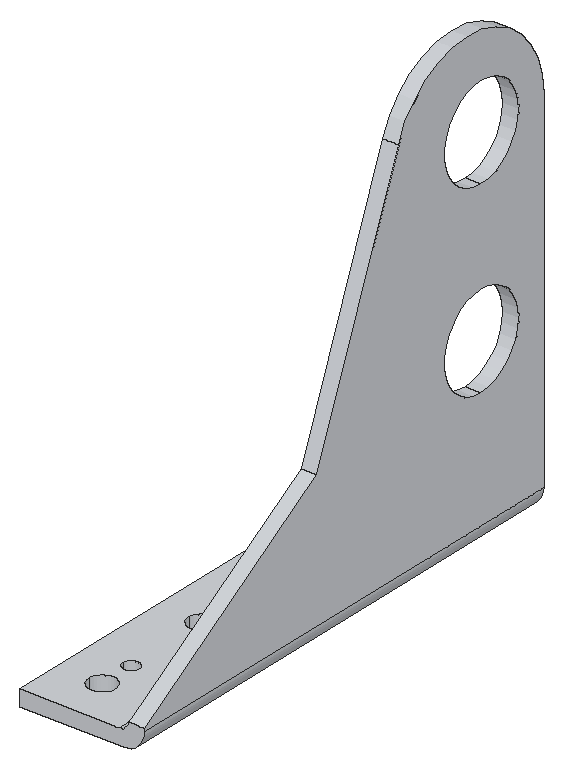
Revit family "Construction_Roof-Accessories_TRA-Snow-Sun_D2HL-Deck-Mount", category Specialty Equipment, host Face, Revit 2026
Family settings
  Host = Face
  Round Connector Dimension = Use Diameter
  Part Type = Normal
  Classification Number = 23.35.20.31.27.14
  Enable Cutting in Views = No
  Cut with Voids When Loaded = No
  Maintain Annotation Orientation = No
  Shared = No
  Room Calculation Point = No
Parameters (values of type "D2HL Deck Mount")
  z_One [instance] = not(z_Array)  # yes
  z_Number of Сlamps Real [instance] = rounddown(z_Length / z_Horizontal Spacing + 1)  # 1
  z_Number of Сlamps [instance] = if(z_Length / z_Horizontal Spacing + 1 < 2, 2, rounddown(z_Length / z_Horizontal Spacing + 1))  # 2
  z_Length [instance] = if(Overall Length < 0.00", 0.00", Overall Length)  # 0.00"
  z_Installation Offset = if(Installation Offset < 0.00", 0.00", Installation Offset)  # 0.00"
  z_Horizontal Spacing [instance] = if(Horizontal Spacing < 2.50", 2.50", Horizontal Spacing)  # 2.50"
  z_Array [instance] = if(z_Number of Сlamps Real < 2, 1 = 2, 1 = 1)  # no
  Width = 2.00"  # constant formula
  Weight = 3.50 lbf  # constant formula
  Version = 1
  URL = "https://trasnowandsun.com/"
  Product data url = "https://bimobject.com/tra-snow-and-sun/product/D2HL-Deckmount-Snow-Fence"
  Product Page URL = "https://trasnowandsun.com/product/d2hl-corrugated-deck-mount-snow-fence/"
  Product Documentation Link = "https://trasnowandsun.com/wp-content/uploads/D2HL_Corrugated_Deck_Mount_PDS.pdf"
  Overall Length Note [instance] = "To show a single Bracket in the Row, please set Overall Length less than Horizontal Spacing"  # constant formula
  Overall Length [instance] = 0.00"
  Number of Сlamps [instance] = if(Overall Length < Horizontal Spacing, 1, if(and(z_Length > z_Horizontal Spacing, z_Length < z_Horizontal Spacing * 2), 2, z_Number of Сlamps))  # 2
  Model = "D2HL Corrugated Deck Mount"
  Material Type Selection [instance] = 1
  Material Type [instance] = if(or(Material Type Selection < 1, Material Type Selection > 3), "Please Select integer between 1-3", if(Material Type Selection = 1, "Zinc Coated Steel: 1/4” (ASTM A36)", if(Material Type Selection = 2, "Copper: 1/4” (ASTM B152)", if(Material Type Selection = 3, "Weathering Steel (known as CORTEN®): 1/4” (ASTM A588)", "Zinc Coated Steel: 1/4” (ASTM A36)"))))  # "Zinc Coated Steel: 1/4” (ASTM A36)"
  Material Note [instance] = "Pure metal as well as powder color coatings are available. When you choose Pure Metal as a finish, please make sure you match the selected material under the Material Type Selection parameter."  # constant formula
  Manufacturer = "TRA Snow & Sun"
  Length = 8.00"  # constant formula
  Installation Offset = 0.00"
  Horizontal Spacing [instance] = 0.00"
  Height = 7.50"  # constant formula
  Finish Material [instance] = TRA Snow & Sun - Finish - Zinc Plated Steel
  Description = "D2HL Corrugated Deck Mount - Used on: Designed for new construction or retrofit metal corrugated roofs"  # constant formula
  Default Elevation = 48.00"
  Date Updated = ""
  Date Created = "2024/05/17"
Reference planes (in)
  plane 1 "Center (Front/Back)": y = 0
  plane 2: z = 0
  plane 3 "Center (Left/Right)": x = 0
  plane 4: x = 0
  plane 5: x = 2.5
  plane 6 "1": z = 0
Dimensions and locks (in)
  "Overall Length": plane 3 "Center (Left/Right)" to plane 4
  "z_Horizontal Spacing": plane 3 "Center (Left/Right)" to plane 5
  "z_Installation Offset": plane 6 "1" to level
  group 1 to group 2 = 2.50"
  group 1 to group 2 = 0.00"  (x2)
  aligned and locked: plane 2 to host face
  aligned and locked: level to host face
  aligned and locked: plane 3 "Center (Left/Right)" to nested 1
  aligned and locked: plane 3 "Center (Left/Right)" to nested 2
  aligned and locked: plane 5 to nested 3
Automatic sketch dimensions
  host sketch curve to host sketch curve = 62.6937"
  host sketch curve to host sketch curve = 52.30486"
Nested families (in)
  nested 1: "D2HL Corrugated Deck Mount" at (0, 4, 0), visible <- "z_One", type "D2HL Corrugated Deck Mount"
  nested 2: "D2HL Corrugated Deck Mount" at (0, 4, 0), visible <- "z_Array", type "D2HL Corrugated Deck Mount"
  nested 3: "D2HL Corrugated Deck Mount" at (2.5, 4, 0), visible <- "z_Array", type "D2HL Corrugated Deck Mount"
Definition of nested family "D2HL Corrugated Deck Mount"
  Parameters (values of type "D2HL Corrugated Deck Mount")
    Width = 2.00"
    Length = 8.00"
    Height = 7.50"
    Finish Material = none
    Default Elevation = 48.00"
  Reference planes (in)
    plane 1 "Center (Front/Back)": y = 0
    plane 2: z = 0
    plane 3 "Center (Left/Right)": x = 0
    plane 4: x = -2
    plane 5: y = 4
    plane 6: y = -4
    plane 7: z = 7.5
  Forms (in)
    Extrusion 1, solid
      sketch origin (0, 0, 0) x (1, 0, 0) y (0, 1, 0)
        loop
          line (-48, 48) -> (-48, -48) -> (48, -48) -> (48, 48) -> (-48, 48)
      from 0 to -12
    Extrusion 2, solid, material <- "Finish Material", detail levels medium+fine
      sketch origin (0, 0, 0) x (1, 0, 0) y (0, 0, 1)
        loop
          line (0, 7.5) -> (-0.25, 7.5) -> (-0.25, 0.41793)
          arc (-0.25, 0.41793) -> (-0.29919, 0.29919) -> (-0.41793, 0.25) r 0.16793
          line (-0.41793, 0.25) -> (-2, 0.25) -> (-2, 0) -> (-0.33988, 0)
          arc (-0.33988, 0) -> (-0.09955, 0.09955) -> (0, 0.33988) r 0.33988
          line (0, 0.33988) -> (0, 7.5)
      from -4 to 4
    Extrusion 3, void
      sketch origin (0, 0, 7.5) x (0, 0, 1) y (0, 1, 0)
        loop
          line (0.5, 4) -> (-1.5, 4)
          arc (-1.5, 4) -> (-0.03111, 2.77024) -> (-0.94947, 1.08901) r 1.51053
          line (-0.94947, 1.08901) -> (-4.99061, -0.54372) -> (-7.11422, -4) -> (0.5, -4) -> (0.5, 4)
        loop
          circle (-4.5, 2.75) r 0.75
        loop
          circle (-1.5, 2.75) r 0.75
      from 0 to 0.55964
    Extrusion 4, void
      sketch origin (0, 0, 0) x (1, 0, 0) y (0, 1, 0)
        loop
          circle (-1.28, 3.33) r 0.135
        loop
          circle (-1.28, 2.75) r 0.22
        loop
          circle (-1.28, 1.33) r 0.135
        loop
          circle (-1.28, 0.75) r 0.22
        loop
          circle (-1.28, -0.67) r 0.135
        loop
          circle (-1.28, -1.25) r 0.22
        loop
          circle (-1.28, -2.67) r 0.135
        loop
          circle (-1.28, -3.25) r 0.22
      from 0 to 0.35793
    Extrusion 5, solid, material <- "Finish Material", detail levels coarse
      sketch origin (0, 0, 0) x (1, 0, 0) y (0, 0, 1)
        loop
          line (-0.25, 7.5) -> (-0.25, 0.25) -> (-2, 0.25) -> (-2, 0) -> (0, 0) -> (0, 7.5) -> (-0.25, 7.5)
      from -4 to 4
  Cuts and joins
    Extrusion 3, Extrusion 4 cuts Extrusion 2
  Lines and regions (in)
    Masking region 1, detail levels medium+fine
      outline origin (0, 0, 0) x (1, 0, 0) y (0, 1, 0)
        loop
          line (-2, 4) -> (-2, -4) -> (0, -4) -> (0, 4) -> (-2, 4)
        loop
          circle (-1.28, 3.33) r 0.135
        loop
          circle (-1.28, 2.75) r 0.22
        loop
          circle (-1.28, 1.33) r 0.135
        loop
          circle (-1.28, 0.75) r 0.22
        loop
          circle (-1.28, -0.67) r 0.135
        loop
          circle (-1.28, -1.25) r 0.22
        loop
          circle (-1.28, -2.67) r 0.135
        loop
          circle (-1.28, -3.25) r 0.22
    Masking region 2, detail levels coarse
      outline origin (0, 0, 0) x (1, 0, 0) y (0, 1, 0)
        loop
          line (-2, 4) -> (-2, -4) -> (0, -4) -> (0, 4) -> (-2, 4)
    symbolic lines
      curve 1: line (-0.25, 4, 0) -> (-0.25, -4, 0)
  Dimensions and locks (in)
    plane 4 to plane 3 "Center (Left/Right)" = 2.00"
    equal spacing: plane 5, plane 1 "Center (Front/Back)", plane 6
    "Length": plane 5 to plane 6
    "Height": plane 7 to level
    "Width": plane 4 to plane 3 "Center (Left/Right)"
    locked: plane 7 to Extrusion 3 sketch curve at 0.5
    Extrusion 3 sketch curve to Extrusion 1 = 3.00"
    plane 4 to Extrusion 4 sketch curve = 0.72"
    aligned and locked: plane 2 to Extrusion 1
    aligned and locked: level to Extrusion 1
    aligned and locked: plane 5 to Extrusion 2
    aligned and locked: Extrusion 2 to plane 6
    aligned and locked: Extrusion 5 sketch curve to plane 7
    aligned and locked: plane 3 "Center (Left/Right)" to Extrusion 5 sketch curve
    aligned and locked: plane 5 to Extrusion 5
    aligned and locked: Extrusion 5 to plane 6
    aligned and locked: Masking region 1 sketch curve to Extrusion 5
    aligned and locked: curve 1 to Extrusion 5
    aligned and locked: Masking region 2 sketch curve to Extrusion 5  (x3)
  Automatic sketch dimensions
    Extrusion 1 sketch curve to Extrusion 1 sketch curve = 96.00"  (x2)
    Extrusion 2 sketch curve to plane 4 = 0.00"
    Extrusion 2 sketch curve to level = 0.00"
    Extrusion 2 sketch curve to plane 7 = 0.00"
    Extrusion 2 sketch curve to plane 3 "Center (Left/Right)" = 0.00"
    Extrusion 2 sketch curve to plane 3 "Center (Left/Right)" = 0.41793"
    Extrusion 2 sketch curve to Extrusion 2 sketch curve = 0.07806"
    Extrusion 2 sketch curve to Extrusion 2 sketch curve = 0.25"
    level to Extrusion 2 sketch curve = 0.25"
    Extrusion 5 sketch curve to Extrusion 5 sketch curve = 0.25"
    Extrusion 5 sketch curve to plane 4 = 0.00"
    level to Extrusion 5 sketch curve = 0.25"
    Extrusion 5 sketch curve to level = 0.00"
    curve 1 to plane 6 = 0.00"
    curve 1 to plane 5 = 0.00"
    Masking region 2 sketch curve to plane 3 "Center (Left/Right)" = 0.00"
    Extrusion 3 sketch curve to Extrusion 2 = 0.00"  (x2)
    Extrusion 2 to Extrusion 3 sketch curve = 1.51533"
    Extrusion 3 sketch curve to Extrusion 3 sketch curve = 0.01533"
    Extrusion 3 sketch curve to Extrusion 3 sketch curve = 0.00"
    Extrusion 2 to Extrusion 3 sketch curve = 0.94947"
    Extrusion 3 sketch curve to Extrusion 2 = 2.91099"
    Extrusion 3 sketch curve to Extrusion 2 = 1.25"
    Extrusion 3 sketch curve to Extrusion 3 sketch curve = 0.26045"
    Extrusion 2 to Extrusion 3 sketch curve = 2.16952"
    Extrusion 2 to Extrusion 3 sketch curve = 0.04591"
    Extrusion 3 sketch curve to Extrusion 3 sketch curve = 3.29372"
    Extrusion 4 sketch curve to plane 5 = 4.67"
    plane 4 to Extrusion 4 sketch curve = 0.72"
    Extrusion 4 sketch curve to Extrusion 4 sketch curve = 0.00"  (x6)
    Extrusion 4 sketch curve to Extrusion 4 sketch curve = 0.58"  (x4)
    Extrusion 4 sketch curve to Extrusion 4 sketch curve = 4.58"  (x2)
    Extrusion 4 sketch curve to Extrusion 4 sketch curve = 5.42"
    plane 4 to Masking region 1 sketch curve = 0.00"
    Masking region 1 sketch curve to plane 5 = 0.00"
    Masking region 1 sketch curve to plane 6 = 0.00"
    plane 4 to Masking region 1 sketch curve = 0.72"  (x4)
    Masking region 1 sketch curve to plane 5 = 0.67"
    Masking region 1 sketch curve to Masking region 1 sketch curve = 0.135"  (x4)
    Masking region 1 sketch curve to Masking region 1 sketch curve = 0.00"  (x6)
    Masking region 1 sketch curve to Masking region 1 sketch curve = 0.58"  (x4)
    Masking region 1 sketch curve to Masking region 1 sketch curve = 0.22"  (x4)
    Masking region 1 sketch curve to plane 1 "Center (Front/Back)" = 1.33"
    plane 1 "Center (Front/Back)" to Masking region 1 sketch curve = 0.67"
    plane 6 to Masking region 1 sketch curve = 1.33"
    radius of Extrusion 3 sketch curve = 0.75"  (x2)
    radius of Extrusion 4 sketch curve = 0.135"  (x4)
    radius of Extrusion 4 sketch curve = 0.22"  (x4)
